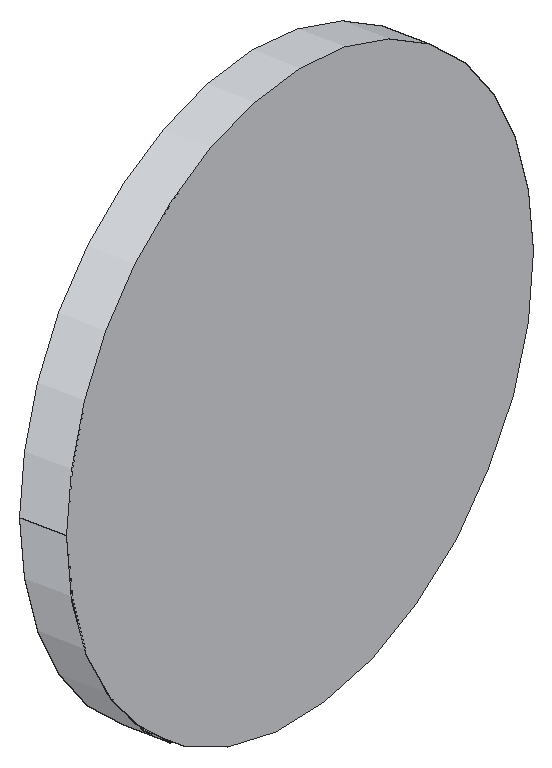
Revit family "e2bb9d4aaac04d48bc14f1b578dbc5a6", category Pipe Fittings, Revit 2021
Family settings
  Round Connector Dimension = Use Radius
  Part Type = Flange
  OmniClass Number = 23.60.30.11.14
  OmniClass Title = Pipework Fittings
  Seek Item ID = Flange - Threaded - GI - Class 250-0000-USA-ENU
  Work Plane-Based = No
  Always vertical = Yes
  Cut with Voids When Loaded = No
  Shared = No
Parameters (values of type "Standard")
  Tick Size [instance] = Gland Diameter * 0.4  # 3.0760"
  Nominal Radius [instance] = 1.5000"
  Nominal Diameter [instance] = Nominal Radius * 2  # 3.0000"
  Loss Method = Not Defined
  Lookup Table Name = "Gland - DI"
  Length [instance] = size_lookup(Lookup Table Name, "Lgt", 0.03 * Nominal Diameter + 1.3400", Nominal Diameter)  # 1.2500"
  Hub Radius [instance] = Hub Diameter / 2  # 2.4200"
  Hub Diameter [instance] = size_lookup(Lookup Table Name, "HDia", 1.05 * Nominal Diameter + 1.7200", Nominal Diameter)  # 4.8400"
  Gland Thickness [instance] = size_lookup(Lookup Table Name, "GThk", 0.03 * Nominal Diameter + 0.7100", Nominal Diameter)  # 0.6200"
  Gland Radius [instance] = Gland Diameter / 2  # 3.8450"
  Gland Diameter [instance] = size_lookup(Lookup Table Name, "GDia", 1.16 * Nominal Diameter + 4.0300", Nominal Diameter)  # 7.6900"
  Default Elevation = 0.0000"
Reference planes (in)
  plane 1 "Center (Front/Back)": y = 0
  plane 2: z = 0
  plane 3 "Center (Left/Right)": x = 0
  plane 4: y = 3.076
  plane 5: y = -3.076
  plane 6: x = 0.63
  plane 7: x = 1.25
Forms (in)
  Extrusion 1, solid, detail levels fine
    sketch origin (0, 0, 0) x (0, 1, 0) y (0, 0, 1)
      loop
        circle (0, 0) r 3.845
    from 0.63 to 1.25
  Extrusion 2, solid, detail levels fine
    sketch origin (0, 0, 0) x (0, 1, 0) y (0, 0, 1)
      loop
        circle (0, 0) r 2.42
    from 0 to 0.63
Cuts and joins
  joined: Extrusion 1, Extrusion 2
Lines and regions (in)
  model lines, style "PipeFitting", detail levels coarse+medium
    curve 1: line (1.25, 0, 0) -> (0, 0, 0)
Dimensions and locks (in)
  equal spacing: plane 4, plane 1 "Center (Front/Back)", plane 5
  "Tick Size": plane 4 to plane 1 "Center (Front/Back)"
  "Length": plane 3 "Center (Left/Right)" to plane 7
  "Gland Thickness": plane 6 to plane 7
  "Gland Radius": radius of Extrusion 1 sketch curve
  "Hub Radius": radius of Extrusion 2 sketch curve
  aligned and locked: plane 1 "Center (Front/Back)" to curve 1
  aligned and locked: plane 2 to Extrusion 2 sketch curve
  aligned and locked: plane 1 "Center (Front/Back)" to Extrusion 2 sketch curve
  aligned and locked: Extrusion 2 to plane 3 "Center (Left/Right)"
  aligned and locked: plane 6 to Extrusion 2
  aligned and locked: plane 7 to Extrusion 1
  aligned and locked: Extrusion 1 to plane 6
  aligned and locked: plane 7 to curve 1
  aligned and locked: plane 3 "Center (Left/Right)" to curve 1
Automatic sketch dimensions
  Extrusion 1 sketch curve to level = 0.0000"
  Extrusion 1 sketch curve to plane 1 "Center (Front/Back)" = 0.0000"
Connectors (in)
  piping at (0, 0, 0), diameter 3, driven by "Nominal Radius"
    settings: on Extrusion 2, index 1, connector inside diameter 3.0000", connector length 0.0000", flow factor 0, pipe flow 0 GPM, pressure drop 0.00 psi, fitting loss kfactor 0, connector angle 0.00°, fixture units 0, engagement length 0.0000", angle of deflection 0.00°, flow configuration 0, flow direction 0, fitting loss method 0, system type 28, joint type 0, gender type 0, connector reference index 2, connector utility 0, adjustable connector no, is connector primary yes, connector description ""
  piping at (1.25, 0, 0), diameter 3, driven by "Nominal Radius"
    settings: on Extrusion 1, index 2, connector inside diameter 3.0000", connector length 0.0000", flow factor 0, pipe flow 0 GPM, pressure drop 0.00 psi, fitting loss kfactor 0, connector angle 0.00°, fixture units 0, engagement length 0.0000", angle of deflection 0.00°, flow configuration 0, flow direction 0, fitting loss method 0, system type 28, joint type 0, gender type 0, connector reference index 1, connector utility 0, adjustable connector no, is connector primary no, connector description ""
